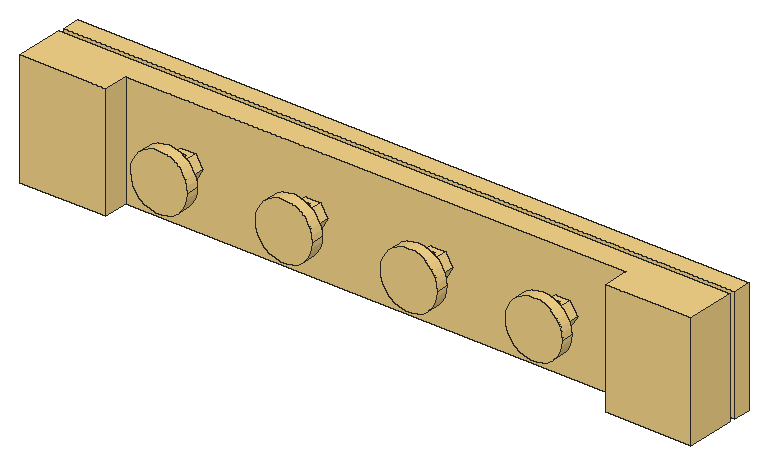
Revit family "Puente de comprobación", category Equipos especializados, Revit 2017
Family settings
  Cota de conector redondo = Diámetro de uso
  Tipo de pieza = Normal
  Se basa en plano de trabajo = No
  Siempre vertical = Sí
  Corte con vacíos al cargar = No
  Compartido = Sí
  Punto de cálculo de habitación = No
Parameters
  URL = "https://at3w.com/"
  Referencia AT [instance] = "AT-020H"  # constant formula
  Rango de dimensiones de los conductores - Redondo [instance] = "4 x (Ø8 - 10 mm) (50 - 70 mm2)"  # constant formula
  Rango de dimensiones de los conductores - Pletina [instance] = "3 x (30 x 2 mm - 30 x 3,5 mm)"  # constant formula
  Peso (kg) [instance] = 0.5  # constant formula
  Model = ""
  Material [instance] = Latón
  Fabricante = "APLICACIONES TECNOLÓGICAS"  # constant formula
  Dimensiones (mm) [instance] = "235 x 40 x 25"  # constant formula
  Descripción = "Puente de comprobación y equipotencialidad para arqueta, con barra y conectores para conductor de Ø8 a 10 mm y/o pletina 30 x 2 mm. Ref. AT-020H"  # constant formula
  Código de montaje = "4.1.3"
Reference planes
  plane 1 "Centro (Frontal/Posterior)": y = 0
  plane 2: z = 0
  plane 3 "Centro (Izquierda/Derecha)": x = 0
  plane 4: y = 13
  plane 5: y = -12
  plane 6: x = -118
  plane 7: x = 117
  plane 8: z = 40
Forms (mm)
  Extrusion 1, solid, material "Latón" <- "Material"
    sketch origin (0, 0, 0) x (1, 0, 0) y (0, 1, 0)
      loop
        line (-118, 5) -> (-118, -12) -> (117, -12) -> (117, 5) -> (-118, 5)
      loop
        line (-118, 13) -> (-118, 7) -> (117, 7) -> (117, 13) -> (-118, 13)
    from 0 to 40
  Extrusion 2, void
    sketch origin (0, 0, 0) x (1, 0, 0) y (0, 1, 0)
      loop
        line (-88, -3.219) -> (-88, -28.219) -> (87, -28.219) -> (87, -3.219) -> (-88, -3.219)
    from 0 to 47.746
  Extrusion 3, solid, material "Latón" <- "Material"
    sketch origin (0, 0, 0) x (1, 0, 0) y (0, 0, 1)
      loop
        circle (-66.125, 20) r 10
      loop
        circle (-22.375, 20) r 10
      loop
        circle (21.375, 20) r 10
      loop
        circle (65.125, 20) r 10
    from 12 to 16
  Extrusion 4, solid, material "Latón" <- "Material"
    sketch origin (0, 0, 0) x (1, 0, 0) y (0, 0, 1)
      loop
        line (-17.375, 20) -> (-19.875, 24.33) -> (-24.875, 24.33) -> (-27.375, 20) -> (-24.875, 15.67) -> (-19.875, 15.67) -> (-17.375, 20)
      loop
        line (-61.125, 20) -> (-63.625, 24.33) -> (-68.625, 24.33) -> (-71.125, 20) -> (-68.625, 15.67) -> (-63.625, 15.67) -> (-61.125, 20)
      loop
        line (26.375, 20) -> (23.875, 24.33) -> (18.875, 24.33) -> (16.375, 20) -> (18.875, 15.67) -> (23.875, 15.67) -> (26.375, 20)
      loop
        line (70.125, 20) -> (67.625, 24.33) -> (62.625, 24.33) -> (60.125, 20) -> (62.625, 15.67) -> (67.625, 15.67) -> (70.125, 20)
    from 12 to 3.219
  Extrusion 5, void
    sketch origin (0, 0, 0) x (1, 0, 0) y (0, 1, 0)
      loop
        circle (-66.125, -7.61) r 1.994
      loop
        circle (-22.375, -7.61) r 1.994
      loop
        circle (21.375, -7.61) r 1.994
      loop
        circle (65.125, -7.61) r 1.994
    from 14.073 to 25.972
Cuts and joins
  Extrusion 2 cuts Extrusion 1
  Extrusion 5 cuts Extrusion 4
Dimensions and locks
  plane 6 to plane 7 = 235 mm
  plane 4 to plane 5 = 25 mm
  locked: plane 8 to plane 2 at 40
  aligned and locked: level to plane 2
  aligned and locked: plane 6 to Extrusion 1 sketch curve
  aligned and locked: plane 5 to Extrusion 1 sketch curve
  aligned and locked: Extrusion 1 sketch curve to plane 7
  aligned and locked: plane 8 to Extrusion 1
  aligned and locked: Extrusion 1 to level
  aligned and locked: cut or joined group of Extrusion 1, Extrusion 2 to Extrusion 4
  aligned and locked: Extrusion 4 to plane 5
  aligned and locked: plane 5 to Extrusion 3
